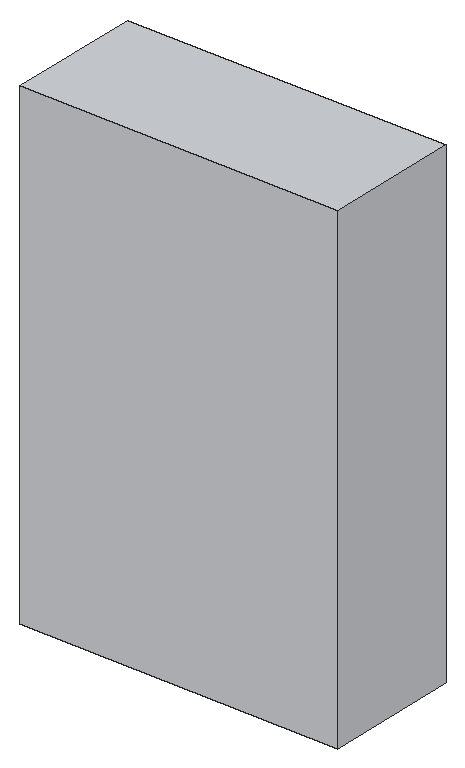
Revit family "M_Aquecedor", category Iluminação elétrica, Revit 2019
Family settings
  Manter orientação da anotação = Sim
  Cota do conector redondo = Utilizar diâmetro
  Tipo de parte = Normal
  Número OmniClass = 23.75.70.17.11
  Título OmniClass = Radiators
  ID de item do Seek = Heater-0000-CAN-ENU
  Com base no plano de trabalho = Não
  Sempre na vertical = Sim
  Corte com vazios quando carregada = Não
  Compartilhado = Não
  Ponto de cálculo do ambiente = Não
Parameters (values of type "Padrão")
  Largura = 203 mm
  Voltagem = 120 V
  Número de pólos = 1
  Classificação de carga = Aquecimento
  Comprimento = 480 mm
  Legenda = "H"
  Altura = 726 mm
  Material do aquecedor = none
  Carga aparente = 1500 VA
Reference planes
  plane 1 "Centro (Frente/Trás)": y = 0
  plane 2: z = 0
  plane 3 "Centro (Esquerda/Direita)": x = 0
  plane 4: x = -240
  plane 5: x = 240
  plane 6: y = -203
  plane 7: z = 726
Forms (mm)
  Extrusion 1, solid, material <- "Material do aquecedor"
    sketch origin (0, 0, 0) x (1, 0, 0) y (0, 1, 0)
      loop
        line (-240, 0) -> (-240, -203) -> (240, -203) -> (240, 0) -> (-240, 0)
    from 0 to 726
Lines and regions (mm)
  symbolic lines, detail levels fine
    curve 1: line (240, 0, 0) -> (-240, 0, 0)
    curve 2: line (-240, 0, 0) -> (-240, -203, 0)
    curve 3: line (-240, -203, 0) -> (240, -203, 0)
    curve 4: line (240, -203, 0) -> (240, 0, 0)
Dimensions and locks
  equal spacing: plane 4, plane 3 "Centro (Esquerda/Direita)", plane 5
  "Comprimento": plane 4 to plane 5
  "Largura": plane 6 to plane 1 "Centro (Frente/Trás)"
  "Altura": plane 7 to plane 2
  aligned and locked: plane 4 to Extrusion 1 sketch curve
  aligned and locked: plane 1 "Centro (Frente/Trás)" to Extrusion 1 sketch curve
  aligned and locked: plane 6 to Extrusion 1 sketch curve
  aligned and locked: Extrusion 1 sketch curve to plane 5
  aligned and locked: Extrusion 1 to plane 2
  aligned and locked: plane 7 to Extrusion 1
  aligned and locked: plane 1 "Centro (Frente/Trás)" to nested 1
  aligned and locked: plane 3 "Centro (Esquerda/Direita)" to nested 1
  aligned and locked: curve 1 to Extrusion 1
  aligned and locked: curve 2 to Extrusion 1
  aligned and locked: curve 3 to Extrusion 1
  aligned and locked: curve 4 to Extrusion 1
Nested families
  nested 1: "M_Anotação de aquecedor" at (0, 0, 0), type "Anotação do aquecedor", detail levels coarse+medium
Connectors
  electrical at (0, 0, 363), driven by "Voltagem", driven by "Carga aparente", driven by "Número de pólos", driven by "Carga aparente", driven by "Classificação de carga"
    settings: on Extrusion 1, index 1, voltage 120 V, apparent load 1500 VA, apparent load phase1 1500 VA, apparent load phase2 0 VA, apparent load phase3 0 VA, power factor 1, load classification "Aquecimento", number of poles 1, system type 30, power factor state 1, is connector primary yes, connector utility no, sub classification motor no, connector description ""
Definition of nested family "M_Anotação de aquecedor"
  Parameters
    Anotação de legenda = "H"
  Reference planes
    plane 1: y = 0
    plane 2: x = 0
  Lines and regions (mm)
    reference lines
      curve 1: line (2.381, 11.655, 0) -> (2.381, -10.909, 0)
      curve 2: line (-2.381, 8.141, 0) -> (-2.381, -10.909, 0)
      curve 3: line (-10.653, -4.762, 0) -> (22.442, -4.763, 0)
    detail lines
      curve 4: line (-2.381, 0, 0) -> (2.381, 0, 0)
      curve 5: line (-2.381, -4.762, 0) -> (-2.381, 0, 0)
      curve 6: line (2.381, -4.762, 0) -> (-2.381, -4.762, 0)
      curve 7: line (2.381, 0, 0) -> (2.381, -4.762, 0)
  Text (mm)
    label "H" at (-1.197, -2.369, 0), shows "Anotação de legenda"
  Dimensions and locks
    locked: plane 2 to curve 1 at 2.381
    locked: curve 2 to plane 2 at 2.381
    locked: curve 3 to plane 1 at 4.763
    aligned and locked: curve 2 to curve 4
    aligned and locked: plane 1 to curve 4
    aligned and locked: curve 3 to curve 7
    aligned and locked: curve 1 to curve 7
